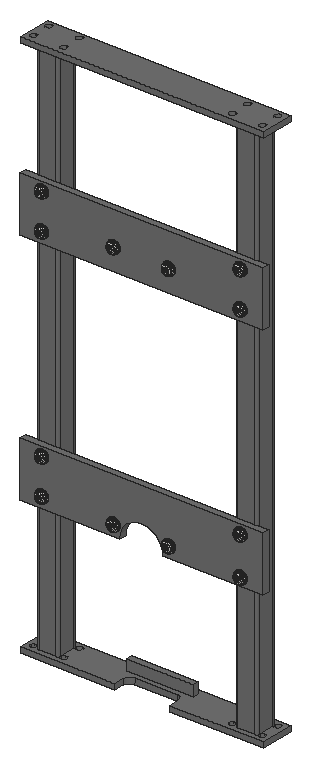
Revit family (continued)
Automatic sketch dimensions
  Revolve 31 sketch curve to Revolve 31 sketch curve = 0.01228"
  Revolve 31 sketch curve to Revolve 31 sketch curve = 0.0031"
  Revolve 31 sketch curve to Revolve 31 sketch curve = 0"
  Revolve 31 sketch curve to Revolve 31 sketch curve = 0.00003"  (x3)
  Revolve 31 sketch curve to Revolve 31 sketch curve = 0.00006"
  Revolve 31 sketch curve to Revolve 31 sketch curve = 0.00025"
  Revolve 31 sketch curve to Revolve 31 sketch curve = 0.00019"
  Revolve 31 sketch curve to Revolve 31 sketch curve = 0.00034"
  plane 11 to Revolve 32 sketch curve = 1 3/4"
  Revolve 32 sketch curve to plane 7 = 1.67288"
  Revolve 32 sketch curve to Revolve 32 sketch curve = 1.16722"
  Revolve 32 sketch curve to Revolve 32 sketch curve = 0.00469"
  Revolve 32 sketch curve to Revolve 32 sketch curve = 0.00968"
  Revolve 32 sketch curve to Revolve 32 sketch curve = 0.01429"
  Revolve 32 sketch curve to Revolve 32 sketch curve = 0.01792"
  Revolve 32 sketch curve to Revolve 32 sketch curve = 0.04036"
  Revolve 32 sketch curve to Revolve 32 sketch curve = 0.06466"
  Revolve 32 sketch curve to Revolve 32 sketch curve = 0.04467"
  Revolve 32 sketch curve to Revolve 32 sketch curve = 0.04997"
  Revolve 32 sketch curve to Revolve 32 sketch curve = 0.06708"
  Revolve 32 sketch curve to Revolve 32 sketch curve = 0.03549"
  Revolve 32 sketch curve to Revolve 32 sketch curve = 0.03428"
  Revolve 32 sketch curve to Revolve 32 sketch curve = 0.04657"
  Revolve 32 sketch curve to Revolve 32 sketch curve = 0.03407"
  Revolve 32 sketch curve to Revolve 32 sketch curve = 0.4992"
  Revolve 32 sketch curve to Revolve 32 sketch curve = 0.00065"
  Revolve 32 sketch curve to Revolve 32 sketch curve = 0.00123"
  Revolve 32 sketch curve to Revolve 32 sketch curve = 0.0001"  (x2)
  Revolve 32 sketch curve to Revolve 32 sketch curve = 0.00012"  (x2)
  Revolve 32 sketch curve to Revolve 32 sketch curve = 0.00013"
  Revolve 32 sketch curve to Revolve 32 sketch curve = 0.00008"
  Revolve 32 sketch curve to Revolve 32 sketch curve = 0.00014"
  Revolve 32 sketch curve to Revolve 32 sketch curve = 0.00028"
  Revolve 32 sketch curve to Revolve 32 sketch curve = 0.00004"
  Revolve 32 sketch curve to Revolve 32 sketch curve = 0.00016"
  Revolve 32 sketch curve to Revolve 32 sketch curve = 0.00015"
  Revolve 32 sketch curve to Revolve 32 sketch curve = 0.62489"
  Revolve 32 sketch curve to Revolve 32 sketch curve = 0.16422"
  Revolve 32 sketch curve to Revolve 32 sketch curve = 0.18696"
  Revolve 32 sketch curve to Revolve 32 sketch curve = 0.07686"
  Revolve 32 sketch curve to Revolve 32 sketch curve = 0.08089"
  Revolve 32 sketch curve to Revolve 32 sketch curve = 0.0401"
  Revolve 32 sketch curve to Revolve 32 sketch curve = 0.03491"
  Revolve 32 sketch curve to Revolve 32 sketch curve = 0.03431"
  Revolve 32 sketch curve to Revolve 32 sketch curve = 0.01331"
  Revolve 32 sketch curve to Revolve 32 sketch curve = 0.01003"
  Revolve 32 sketch curve to Revolve 32 sketch curve = 0.00949"
  Revolve 32 sketch curve to Revolve 32 sketch curve = 0.00407"
  Revolve 32 sketch curve to Revolve 32 sketch curve = 0.00177"
  Revolve 32 sketch curve to Revolve 32 sketch curve = 0.04979"
  Revolve 32 sketch curve to Revolve 32 sketch curve = 0.05891"
  plane 21 to Revolve 33 sketch curve = 1"
  Revolve 33 sketch curve to plane 7 = 1.67288"
  Revolve 33 sketch curve to Revolve 33 sketch curve = 1.16722"
  Revolve 33 sketch curve to Revolve 33 sketch curve = 0.00469"
  Revolve 33 sketch curve to Revolve 33 sketch curve = 0.00968"
  Revolve 33 sketch curve to Revolve 33 sketch curve = 0.01429"
  Revolve 33 sketch curve to Revolve 33 sketch curve = 0.01792"
  Revolve 33 sketch curve to Revolve 33 sketch curve = 0.04036"
  Revolve 33 sketch curve to Revolve 33 sketch curve = 0.06466"
  Revolve 33 sketch curve to Revolve 33 sketch curve = 0.04467"
  Revolve 33 sketch curve to Revolve 33 sketch curve = 0.04997"
  Revolve 33 sketch curve to Revolve 33 sketch curve = 0.06708"
  Revolve 33 sketch curve to Revolve 33 sketch curve = 0.03549"
  Revolve 33 sketch curve to Revolve 33 sketch curve = 0.03428"
  Revolve 33 sketch curve to Revolve 33 sketch curve = 0.04657"
  Revolve 33 sketch curve to Revolve 33 sketch curve = 0.03407"
  Revolve 33 sketch curve to Revolve 33 sketch curve = 129/256"
  Revolve 33 sketch curve to Revolve 33 sketch curve = 0.00065"
  Revolve 33 sketch curve to Revolve 33 sketch curve = 0.00123"
  Revolve 33 sketch curve to Revolve 33 sketch curve = 0.0001"  (x2)
  Revolve 33 sketch curve to Revolve 33 sketch curve = 0.00012"  (x3)
  Revolve 33 sketch curve to Revolve 33 sketch curve = 0.00013"
  Revolve 33 sketch curve to Revolve 33 sketch curve = 0.00008"
  Revolve 33 sketch curve to Revolve 33 sketch curve = 0.00014"
  Revolve 33 sketch curve to Revolve 33 sketch curve = 0.00028"
  Revolve 33 sketch curve to Revolve 33 sketch curve = 0.00004"  (x2)
  Revolve 33 sketch curve to Revolve 33 sketch curve = 0.00016"
  Revolve 33 sketch curve to Revolve 33 sketch curve = 0.00015"
  Revolve 33 sketch curve to Revolve 33 sketch curve = 0.62489"
  Revolve 33 sketch curve to Revolve 33 sketch curve = 0.16422"
  Revolve 33 sketch curve to Revolve 33 sketch curve = 0.04653"
  Revolve 33 sketch curve to Revolve 33 sketch curve = 0.01228"
  Revolve 33 sketch curve to Revolve 33 sketch curve = 0.0031"
  Revolve 33 sketch curve to Revolve 33 sketch curve = 0"
  Revolve 33 sketch curve to Revolve 33 sketch curve = 0.00003"  (x3)
  Revolve 33 sketch curve to Revolve 33 sketch curve = 0.00006"
  Revolve 33 sketch curve to Revolve 33 sketch curve = 0.00025"
  Revolve 33 sketch curve to Revolve 33 sketch curve = 0.00019"
  Revolve 33 sketch curve to Revolve 33 sketch curve = 0.00034"
  Extrusion 34 sketch curve to plane 22 = 0"
  Extrusion 34 sketch curve to plane 16 = 0"
  Extrusion 34 sketch curve to plane 17 = 8 1/2"
  Extrusion 34 sketch curve to plane 18 = 8 1/2"
  Extrusion 35 sketch curve to plane 6 = 0"
  Extrusion 35 sketch curve to plane 7 = 0"
  Extrusion 35 sketch curve to plane 13 = 0"
  Extrusion 35 sketch curve to plane 14 = 0"
  Extrusion 35 sketch curve to plane 12 = 1/8"  (x4)
  plane 23 to Extrusion 35 sketch curve = 0"  (x4)
  Extrusion 35 sketch curve to plane 13 = 5/8"  (x2)
  Extrusion 35 sketch curve to plane 4 = 1 3/8"  (x2)
  Extrusion 35 sketch curve to plane 5 = 1 3/8"  (x2)
  Extrusion 35 sketch curve to plane 14 = 5/8"  (x2)
  Extrusion 36 sketch curve to plane 17 = 0"
  Extrusion 36 sketch curve to plane 3 "Center (Front/Back)" = 0"
  Extrusion 36 sketch curve to plane 18 = 0"
  plane 17 to Extrusion 36 sketch curve = 0.62674"
  Extrusion 36 sketch curve to plane 12 = 3/8"
  plane 15 to Extrusion 36 sketch curve = 0.80365"
  Extrusion 37 sketch curve to plane 24 = 0"
  Extrusion 37 sketch curve to plane 25 = 1/8"
  Extrusion 37 sketch curve to plane 18 = 1/2"
  Extrusion 37 sketch curve to plane 17 = 1/2"
  Extrusion 38 sketch curve to Extrusion 35 = 1"
  Extrusion 38 sketch curve to Extrusion 38 sketch curve = 1/2"
  Extrusion 38 sketch curve to Extrusion 35 = 8"
  Extrusion 38 sketch curve to Extrusion 38 sketch curve = 6"
  radius of Extrusion 1 sketch curve = 9/32"  (x8)
  radius of Extrusion 35 sketch curve = 9/32"  (x8)
Types (2): name | Weight (lb) | Material | Back Panel Visibility | Lower Plate Height | Height | Upper Plate Height
  0615 | 41 | Stainless Steel Polished Brushed | no | 12" | 50" | 36"
  0615D | 0 | Duco Coated | yes | 3 1/2" | 41 1/2" | 27 1/2"
